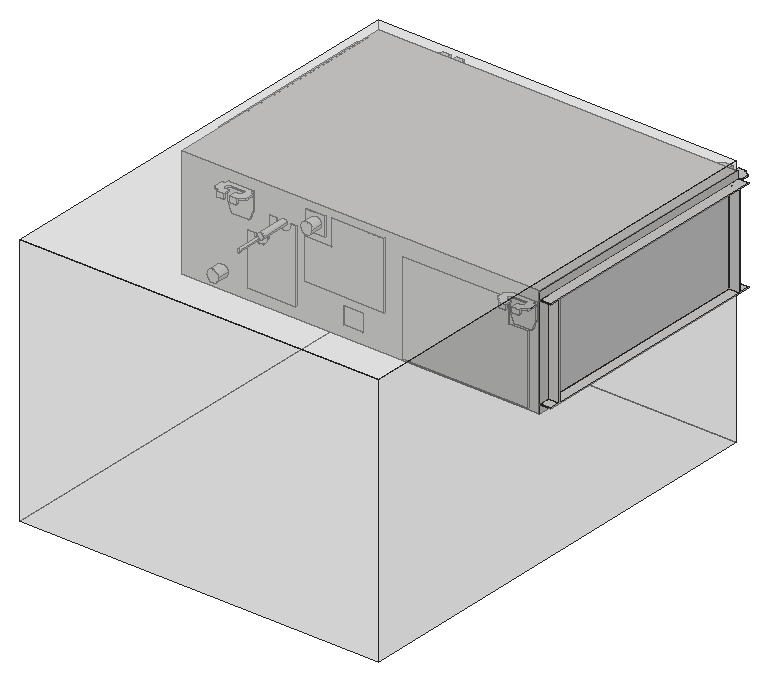
Revit family "outputfile", category 機械設備, Revit 2024
Family settings
  丸型コネクタ寸法 = 半径を使用
  パーツ タイプ = 標準
  OmniClass 番号 = 23.75.10.24.21.27.27
  OmniClass タイトル = Split System Air Conditioning Units
  作業面ベース = いいえ
  常に垂直 = はい
  ロード時にボイドで切り取り = いいえ
  注釈の向きを維持 = いいえ
  共有 = いいえ
  部屋計算ポイント = はい
Parameters (values of type "FXSA32AVM4")
  製造元 = "Daikin"
  書き出し IFC クラス(タイプ) = "IfcUnitaryEquipmentType"
  定義済み IFC タイプ(タイプ) = "AIRCONDITIONINGUNIT"
  モデル = "FXSA32AVM4"
  switch_frequency = yes
  r_Liquid Pipe Size = Liquid Pipe Size / 2  # 3.2 mm
  r_Gas Pipe Size = Gas Pipe Size / 2  # 6.35 mm
  r_Drain Pipe Size = Drain Pipe Size / 2  # 12.5 mm
  lw_power = 770.0 mm
  lh_SA = 138.0 mm
  lw_SA = if(Width = 550.0 mm, 225.0 mm, if(Width = 700.0 mm, 300.0 mm, if(Width = 1000.0 mm, 450.0 mm, if(Width = 1400.0 mm, 650.0 mm, 725.0 mm))))  # 225.0 mm
  lw_RA = if(Width = 550.0 mm, 275.0 mm, if(Width = 700.0 mm, 349.0 mm, if(Width = 1000.0 mm, 499.0 mm, if(Width = 1400.0 mm, 699.0 mm, 775.0 mm))))  # 275.0 mm
  lh_power = 60.0 mm + [h***]  # 60.0 mm
  lh_mountinghole1 = lh_mountinghole + [h***]  # 222.0 mm
  lh_RA = 123.0 mm
  ld_power = Width / 2  # 275.0 mm
  connector_voltage = Voltage_50Hz  # 220 V
  connector_powerinput = [Power Input (Cooling)]  # 0.066 kW
  connector_phase = Phase_50Hz  # 1
  Voltage_comment_60Hz = "220"
  Voltage_comment_50Hz = "220-240"
  Voltage_60Hz = 220 V
  Voltage_50Hz = 220 V
  Total Heating Capacity [instance] = 0.000 kW
  Supply Air Direction [instance] = yes
  Sound Power Level_H speed (dB) = 62
  Power Input (Heating) = 0.061 kW
  Phase_60Hz = 1
  Phase_50Hz = 1
  Nominal Heating Capacity = 4.000 kW
  Minimum External Static Pressure = 30.00 Pa
  Minimum Circuit Amps_60Hz = 0.9 A
  Minimum Circuit Amps_50Hz = 0.9 A
  Maximum Fuse Amps_60Hz = 16.0 A
  Maximum Fuse Amps_50Hz = 16.0 A
  Maximum External Static Pressure = 150.00 Pa
  Material_Casing = DAIKIN_GalvanizedSteel_Casing_indoorunit
  lw_mountinghole = 630.0 mm
  lh_gaspipe = 183.0 mm + [h***]  # 183.0 mm
  lh_mountinghole = 222.0 mm
  lh_liquidpipe = 136.0 mm + [h***]  # 136.0 mm
  lh_drainpipe = 207.0 mm + [h***]  # 207.0 mm
  lh_antena = Height - lh_mountinghole + 1.0 mm  # 24.0 mm
  ld_drainpipe = Width / 2 + 26.0 mm  # 301.0 mm
  ld_liquidpipe = 339.0 mm
  ld_gaspipe = Width / 2 + 65.0 mm  # 340.0 mm
  ld_mountinghole = Width + 38.0 mm  # 588.0 mm
  h*** = 0.0 mm
  lw_liquidpipe = 179.0 mm
  lw_gaspipe = 229.0 mm
  lw_drainpipe = 300.0 mm
  Width = 550.0 mm
  Version = "ver.1.0"
  Unit Type = "Duct_M.S.P."
  Unit Mass Weight = 25.00 kg
  Unit Designation [instance] = ""
  Uniclass2015Version = "Products v1.30"
  Uniclass2015Title = "Variable refrigerant flow units"
  Uniclass2015Code = "Pr_70_65_03_94"
  Total Cooling Capacity [instance] = 0.000 kW
  Sound Pressure Level_M speed (dBA) = 32
  Sound Pressure Level_L speed (dBA) = 30
  Sound Pressure Level_H speed (dBA) = 34
  Series = "VRV Fan Coil Unit"
  Sensible Cooling Capacity [instance] = 0.000 kW
  SA Duct Size Width = 337.0 mm
  SA Duct Size Height = 176.0 mm
  Refrigerant Type = "R32"
  RA Duct Size Width = 502.0 mm
  RA Duct Size Height = 208.0 mm
  Power Input (Cooling) = 0.066 kW
  Option Accessory 3 [instance] = ""
  Option Accessory 2 [instance] = ""
  Option Accessory 1 [instance] = ""
  Nominal Cooling Capacity = 3.600 kW
  Minimum Airflow = 420.00 m³/h
  Median Airflow = 480.00 m³/h
  Maximum Airflow = 570.00 m³/h
  Load Classification = HVAC
  Liquid Pipe Size = 6.4 mm
  Link_Nested Family [instance] = ""
  IfcVersion = ""
  IfcExportType = "AIRCONDITIONINGUNIT"
  IfcExportAs = "IfcUnitaryEquipmentType"
  Height = 245.0 mm
  Heating Entering Wet Bulb Temperature [instance] = -273.15 °C
  Heating Entering Dry Bulb Temperature [instance] = -273.15 °C
  Heating Ambient Wet Bulb Temperature [instance] = -273.15 °C
  Heating Ambient Dry Bulb Temperature [instance] = -273.15 °C
  Heat Exchanger Type = "Cross Fin Coil"
  Gas Pipe Size = 12.7 mm
  Frequency_60Hz = 60 Hz
  Frequency_50Hz = 50 Hz
  Fan Type = "Sirocco Fan"
  Fan Drive = "Direct Drive"
  FCU Tag No. [instance] = ""
  Drain Pipe Size = 25.0 mm
  Design Supply Airflow [instance] = 0.00 m³/h
  Design Return Airflow [instance] = 0.00 m³/h
  Design External Static Pressure [instance] = 0.00 Pa
  Depth = 800.0 mm
  既定の高さ = 0.0 mm
  Cooling Entering Wet Bulb Temperature [instance] = 0.00 °C
  Cooling Entering Dry Bulb Temperature [instance] = 0.00 °C
  Cooling Ambient Wet Bulb Temperature [instance] = 0.00 °C
  Cooling Ambient Dry Bulb Temperature [instance] = 0.00 °C
  Clearance visibility [instance] = yes
  Clearance Top = 20.0 mm
  Clearance Right = 0.0 mm
  Clearance Rear = 0.0 mm
  Clearance Left = 0.0 mm
  Clearance Front = 450.0 mm
  Clearance Bottom = 300.0 mm
Reference planes
  plane 1 "Center (Front/Back)": y = 0
  plane 2 "h": z = 0
  plane 3 "Center (Left/Right)": x = 0
  plane 4 "Back": y = 275
  plane 5 "Front": y = -275
  plane 6 "Left": x = -400
  plane 7 "Right": x = 400
  plane 8 "Top": z = 0
  plane 9 "Bottom": z = -245
  plane 10: y = -215
  plane 11: y = 275
  plane 12: y = -725
  plane 13: x = -400
  plane 14: x = 400
  plane 15: z = 20
  plane 16: z = -545
  plane 17: x = -400
  plane 18: x = -399
  plane 19: x = 399
  plane 20: y = 50
  plane 21: y = 0
  plane 22: z = -122
  plane 23: y = -276
  plane 24: z = -109
  plane 25: x = -221
  plane 26: y = -340
  plane 27: z = -62
  plane 28: x = -171
  plane 29: y = -301
  plane 30: z = -38
  plane 31: x = -100
  plane 32: x = -100
  plane 33: x = -221
  plane 34: x = -171
  plane 35: x = 370
  plane 36: x = -266
  plane 37: x = 364
  plane 38: y = -294
  plane 39: y = 294
  plane 40: z = -23
  plane 41: z = -107
  plane 42: y = -339
  plane 43: z = -207
  plane 44: x = -309
  plane 45: y = -376
  plane 46: x = -251
  plane 47: x = -203
  plane 48: x = -144
  plane 49: z = -59
  plane 50: z = -106
  plane 51: z = -221
  plane 52: z = -109
  plane 53: x = -221
  plane 54: z = -62
  plane 55: x = -171
  plane 56: z = -17
  plane 57: z = -59
  plane 58: x = -121
  plane 59: x = -79
  plane 60: x = -125
  plane 61: x = -64
  plane 62: x = 53
  plane 63: z = -164
  plane 64: z = -73
  plane 65: z = -16
  plane 66: x = 93.5
  plane 67: x = 374.5
  plane 68: x = 330
  plane 69: z = -88.5
  plane 70: z = -38
  plane 71: z = -242.5
  plane 72: x = -38.5
  plane 73: x = 6.5
  plane 74: z = -181
  plane 75: z = -221
  plane 76: y = -274
  plane 77: x = -424
  plane 78: x = 424
Forms (mm)
  Extrusion 1, solid, material "DAIKIN_GalvanizedSteel_Casing_indoorunit" <- "Material_Casing"
    sketch origin (0, 0, 0) x (1, 0, 0) y (0, 1, 0)
      loop
        line (-399, 275) -> (-399, -275) -> (399, -275) -> (399, 275) -> (-399, 275)
    from -245 to 0
  Extrusion 2, solid, material "DAIKIN_GalvanizedSteel_Casing_indoorunit" <- "Material_Casing"
    sketch origin (0, 0, 0) x (1, 0, 0) y (0, 0, 1)
      loop
        line (-251, -221) -> (-144, -221) -> (-144, -59) -> (-154.47, -59)
        arc (-154.47, -59) -> (-171, -78.8) -> (-187.53, -59) r 16.8
        line (-187.53, -59) -> (-203, -59) -> (-203, -106) -> (-206.916, -106)
        arc (-206.916, -106) -> (-221, -123.4) -> (-235.084, -106) r 14.4
        line (-235.084, -106) -> (-251, -106) -> (-251, -221)
    from 275 to 276
  Extrusion 3, solid, material "DAIKIN_GalvanizedSteel_Casing_indoorunit" <- "Material_Casing"
    sketch origin (0, 0, 0) x (1, 0, 0) y (0, 0, 1)
      loop
        line (-121, -17) -> (-121, -59) -> (-79, -59) -> (-79, -17) -> (-121, -17)
      loop
        line (-125, -73) -> (-125, -164) -> (53, -164) -> (53, -16) -> (-64, -16) -> (-64, -73) -> (-125, -73)
    from 275 to 276
  Extrusion 4, solid, material "DAIKIN_GalvanizedSteel_Casing_indoorunit" <- "Material_Casing"
    sketch origin (0, 0, 0) x (1, 0, 0) y (0, 0, 1)
      loop
        line (93.5, -38) -> (93.5, -242.5) -> (374.5, -242.5) -> (374.5, -88.5) -> (330, -88.5) -> (330, -38) -> (93.5, -38)
    from 275 to 276
  Extrusion 5, solid, material "DAIKIN_GalvanizedSteel_Casing_indoorunit" <- "Material_Casing"
    sketch origin (0, 0, 0) x (1, 0, 0) y (0, 0, 1)
      loop
        circle (-221, -109) r 3.2
    from 275 to 339
  Extrusion 6, solid, material "DAIKIN_GalvanizedSteel_Casing_indoorunit" <- "Material_Casing"
    sketch origin (0, 0, 0) x (1, 0, 0) y (0, 0, 1)
      loop
        circle (-171, -62) r 6.35
    from 275 to 340
  Extrusion 7, solid, material "DAIKIN_GalvanizedSteel_Casing_indoorunit" <- "Material_Casing"
    sketch origin (0, 0, 0) x (1, 0, 0) y (0, 0, 1)
      loop
        circle (-100, -38) r 12.5
    from 276 to 301
  Extrusion 8, solid, material "DAIKIN_GalvanizedSteel_Casing_indoorunit" <- "Material_Casing"
    sketch origin (0, 0, 0) x (1, 0, 0) y (0, 0, 1)
      loop
        circle (-309, -207) r 13
    from 275 to 301
  Extrusion 9, void
    sketch origin (0, 0, 0) x (1, 0, 0) y (0, 0, 1)
      loop
        line (-38.5, -181) -> (-38.5, -221) -> (6.5, -221) -> (6.5, -181) -> (-38.5, -181)
    from 274 to 275
Cuts and joins
  Extrusion 9 cuts Extrusion 1
Dimensions and locks
  "Height": plane 8 "Top" to plane 9 "Bottom"
  equal spacing: plane 4 "Back", plane 1 "Center (Front/Back)", plane 5 "Front"
  "Width": plane 4 "Back" to plane 5 "Front"
  equal spacing: plane 6 "Left", plane 3 "Center (Left/Right)", plane 7 "Right"
  "Depth": plane 6 "Left" to plane 7 "Right"
  "Clearance Left": plane 13 to plane 6 "Left"
  "Clearance Right": plane 7 "Right" to plane 14
  "Clearance Rear": plane 11 to plane 4 "Back"
  "Clearance Front": plane 5 "Front" to plane 12
  "Clearance Top": plane 15 to plane 8 "Top"
  "Clearance Bottom": plane 9 "Bottom" to plane 16
  locked: plane 17 to plane 18 at 1
  locked: plane 19 to plane 14 at 1
  "lw_SA": plane 11 to plane 20
  "lw_RA": plane 21 to plane 5 "Front"
  "lh_RA": plane 22 to plane 9 "Bottom"
  locked: plane 5 "Front" to plane 23 at 1
  "lw_liquidpipe": plane 25 to plane 6 "Left"
  "lh_liquidpipe": plane 24 to plane 9 "Bottom"
  "lh_gaspipe": plane 27 to plane 9 "Bottom"
  "lw_gaspipe": plane 28 to plane 6 "Left"
  "ld_gaspipe": plane 26 to plane 1 "Center (Front/Back)"
  "ld_drainpipe": plane 29 to plane 1 "Center (Front/Back)"
  "lh_drainpipe": plane 30 to plane 9 "Bottom"
  "lw_drainpipe": plane 31 to plane 6 "Left"
  "lw_drainpipe": plane 6 "Left" to plane 32
  "lw_liquidpipe": plane 6 "Left" to plane 33
  "lw_gaspipe": plane 6 "Left" to plane 34
  "lw_power": plane 6 "Left" to plane 35
  locked: plane 17 to plane 36 at 134
  "lw_mountinghole": plane 36 to plane 37
  equal spacing: plane 38, plane 1 "Center (Front/Back)", plane 39
  "ld_mountinghole": plane 39 to plane 38
  "lh_mountinghole": plane 40 to plane 9 "Bottom"
  "lh_SA": plane 41 to plane 9 "Bottom"
  locked: plane 44 to plane 6 "Left" at 91
  locked: plane 43 to plane 9 "Bottom" at 38
  plane 48 to plane 47 to plane 46 to plane 6 "Left" = 59.0 mm, 48.0 mm, 149.0 mm
  plane 8 "Top" to plane 49 to plane 50 to plane 51 = 59.0 mm locked, 47.0 mm locked, 115.0 mm locked
  plane 55 to plane 53 to plane 6 "Left" = 50.0 mm locked, 179.0 mm locked
  plane 54 to plane 52 to plane 9 "Bottom" = 47.0 mm locked, 136.0 mm locked
  plane 59 to plane 58 to plane 6 "Left" = 42.0 mm locked, 279.0 mm locked
  plane 8 "Top" to plane 56 to plane 57 = 17.0 mm locked, 42.0 mm locked
  plane 62 to plane 61 to plane 60 to plane 6 "Left" = 117.0 mm, 61.0 mm, 275.0 mm
  plane 8 "Top" to plane 65 to plane 64 = 16.0 mm locked, 57.0 mm locked
  locked: plane 65 to plane 63 at 148
  plane 8 "Top" to plane 70 to plane 69 to plane 71 = 38.0 mm locked, 50.5 mm locked, 154.0 mm locked
  plane 67 to plane 68 to plane 66 to plane 6 "Left" = 44.5 mm locked, 236.5 mm locked, 493.5 mm locked
  plane 8 "Top" to plane 74 to plane 75 = 181.0 mm locked, 40.0 mm locked
  plane 73 to plane 72 to plane 6 "Left" = 45.0 mm, 361.5 mm
  locked: plane 76 to plane 5 "Front" at 1
  locked: plane 77 to plane 17 at 24
  locked: plane 14 to plane 78 at 24
  "ld_liquidpipe": plane 42 to plane 1 "Center (Front/Back)"
  "r_Liquid Pipe Size": radius of Extrusion 5 sketch curve
  "r_Gas Pipe Size": radius of Extrusion 6 sketch curve
  "r_Drain Pipe Size": radius of Extrusion 7 sketch curve
  aligned and locked: level to plane 2 "h"
  aligned and locked: plane 8 "Top" to Extrusion 1
  aligned and locked: Extrusion 1 to plane 9 "Bottom"
  aligned and locked: nested 5 to plane 12
  aligned and locked: plane 13 to nested 5
  aligned and locked: plane 14 to nested 5
  aligned and locked: nested 5 to plane 13
  aligned and locked: plane 11 to nested 5
  aligned and locked: plane 15 to nested 5
  aligned and locked: plane 16 to nested 5
  aligned and locked: plane 5 "Front" to Extrusion 1 sketch curve
  aligned and locked: Extrusion 1 to plane 18
  aligned and locked: plane 19 to Extrusion 1
  aligned and locked: nested 7 to plane 18
  aligned and locked: nested 7 to plane 20
  aligned and locked: plane 19 to nested 8
  aligned and locked: plane 21 to nested 8
  aligned and locked: plane 22 to nested 8
  aligned and locked: Extrusion 2 to plane 23
  aligned and locked: plane 5 "Front" to Extrusion 2
  aligned and locked: Extrusion 3 to plane 23
  aligned and locked: plane 5 "Front" to Extrusion 3
  aligned and locked: plane 5 "Front" to Extrusion 4
  aligned and locked: Extrusion 5 sketch curve to plane 25
  aligned and locked: plane 24 to Extrusion 5 sketch curve
  aligned and locked: plane 5 "Front" to Extrusion 5
  aligned and locked: Extrusion 6 sketch curve to plane 28
  aligned and locked: plane 27 to Extrusion 6 sketch curve
  aligned and locked: plane 5 "Front" to Extrusion 6
  aligned and locked: Extrusion 7 sketch curve to plane 31
  aligned and locked: Extrusion 7 sketch curve to plane 30
  aligned and locked: Extrusion 7 to plane 29
  aligned and locked: plane 23 to Extrusion 7
  aligned and locked: nested 3 to plane 29
  aligned and locked: plane 32 to nested 3
  aligned and locked: nested 2 to plane 33
  aligned and locked: nested 1 to plane 34
  aligned and locked: Extrusion 6 to plane 26
  aligned and locked: nested 1 to plane 26
  aligned and locked: nested 6 to plane 5 "Front"
  aligned and locked: plane 35 to nested 6
  aligned and locked: plane 36 to nested 10
  aligned and locked: nested 10 to plane 5 "Front"
  aligned and locked: plane 37 to nested 9
  aligned and locked: nested 9 to plane 5 "Front"
  aligned and locked: nested 11 to plane 36
  aligned and locked: plane 4 "Back" to nested 11
  aligned and locked: nested 12 to plane 37
  aligned and locked: plane 4 "Back" to nested 12
  aligned and locked: plane 40 to nested 10
  aligned and locked: plane 40 to nested 11
  aligned and locked: plane 40 to nested 9
  aligned and locked: plane 40 to nested 12
  aligned and locked: plane 36 to nested 14
  aligned and locked: nested 14 to plane 39
  aligned and locked: plane 37 to nested 13
  aligned and locked: nested 13 to plane 39
  aligned and locked: plane 37 to nested 16
  aligned and locked: plane 38 to nested 16
  aligned and locked: plane 38 to nested 15
  aligned and locked: plane 36 to nested 15
  aligned and locked: plane 17 to plane 6 "Left"
  aligned and locked: plane 41 to nested 7
  aligned and locked: Extrusion 5 to plane 42
  aligned and locked: nested 2 to plane 42
  aligned and locked: Extrusion 8 sketch curve to plane 44
  aligned and locked: plane 43 to Extrusion 8 sketch curve
  aligned and locked: plane 5 "Front" to Extrusion 8
  aligned and locked: Extrusion 3 sketch curve to plane 56
  aligned and locked: Extrusion 3 sketch curve to plane 58
  aligned and locked: plane 57 to Extrusion 3 sketch curve
  aligned and locked: plane 59 to Extrusion 3 sketch curve
  aligned and locked: Extrusion 4 to plane 23
  aligned and locked: Extrusion 9 sketch curve to plane 74
  aligned and locked: plane 75 to Extrusion 9 sketch curve
  aligned and locked: plane 73 to Extrusion 9 sketch curve
  aligned and locked: plane 5 "Front" to Extrusion 9
  aligned and locked: plane 76 to Extrusion 9
  aligned and locked: nested 17 to plane 20
  aligned and locked: nested 17 to plane 77
  aligned and locked: plane 21 to nested 18
  aligned and locked: plane 78 to nested 18
  aligned and locked: plane 41 to nested 17
  aligned and locked: nested 18 to plane 22
  aligned and locked: nested 4 to plane 3 "Center (Left/Right)"
  aligned and locked: plane 1 "Center (Front/Back)" to nested 4
  aligned and locked: level to plane 8 "Top"
  aligned and locked: Extrusion 8 to plane 29
Automatic sketch dimensions
  plane 6 "Left" to Extrusion 1 sketch curve = 1.0 mm
  Extrusion 1 sketch curve to plane 7 "Right" = 1.0 mm
  Extrusion 1 sketch curve to plane 4 "Back" = 0.0 mm
  Extrusion 2 sketch curve to plane 46 = 0.0 mm
  Extrusion 2 sketch curve to plane 33 = 0.0 mm
  Extrusion 2 sketch curve to plane 47 = 0.0 mm
  Extrusion 2 sketch curve to plane 34 = 0.0 mm
  Extrusion 2 sketch curve to plane 48 = 0.0 mm
  Extrusion 2 sketch curve to plane 51 = 0.0 mm
  Extrusion 2 sketch curve to plane 52 = 0.0 mm
  Extrusion 2 sketch curve to plane 50 = 0.0 mm  (x3)
  Extrusion 2 sketch curve to plane 54 = 0.0 mm
  Extrusion 2 sketch curve to plane 49 = 0.0 mm  (x3)
  plane 33 to Extrusion 2 sketch curve = 14.084 mm
  plane 34 to Extrusion 2 sketch curve = 16.53 mm
  Extrusion 3 sketch curve to plane 60 = 0.0 mm
  Extrusion 3 sketch curve to plane 61 = 0.0 mm
  Extrusion 3 sketch curve to plane 62 = 0.0 mm
  Extrusion 3 sketch curve to plane 63 = 0.0 mm
  Extrusion 3 sketch curve to plane 64 = 0.0 mm
  Extrusion 3 sketch curve to plane 65 = 0.0 mm
  Extrusion 4 sketch curve to plane 66 = 0.0 mm
  Extrusion 4 sketch curve to plane 68 = 0.0 mm
  Extrusion 4 sketch curve to plane 67 = 0.0 mm
  Extrusion 4 sketch curve to plane 71 = 0.0 mm
  Extrusion 4 sketch curve to plane 69 = 0.0 mm
  Extrusion 4 sketch curve to plane 70 = 0.0 mm
  Extrusion 9 sketch curve to plane 72 = 0.0 mm
  radius of Extrusion 8 sketch curve = 13.0 mm
Nested families
  nested 1: "daikin_connector_rotate2" at (-171, 0, -62), length <- "ld_gaspipe", built-in parameter 1001364 <- "lh_gaspipe", radius <- "r_Gas Pipe Size", type "daikin_connector_rotate2"
    with radius 6.35 mm, length 340.0 mm, angle_vertical 90.00°
  nested 2: "daikin_connector_rotate2" at (-221, 0, -109), length <- "ld_liquidpipe", built-in parameter 1001364 <- "lh_liquidpipe", radius <- "r_Liquid Pipe Size", type "daikin_connector_rotate2"
    with radius 3.2 mm, length 339.0 mm, angle_vertical 90.00°
  nested 3: "daikin_connector_rotate2" at (-100, 0, -38), length <- "ld_drainpipe", built-in parameter 1001364 <- "lh_drainpipe", radius <- "r_Drain Pipe Size", type "daikin_connector_rotate2"
    with radius 12.5 mm, length 301.0 mm, angle_vertical 90.00°
  nested 4: "daikin_△_symbolicline" at (0, 0, 245) x (0, -1, 0) z (0, 0, 1), built-in parameter 1001364 <- "Height", visible <- "Supply Air Direction", type "daikin_△_symbolicline"
    with length 200.0 mm
  nested 5: "daikin_clearancespace" at (0, -225, -262.381), visible <- "Clearance visibility", show <- "Clearance visibility", Link_Nested Family <- "Link_Nested Family", type "daikin_clearancespace"
    with width 800.0 mm, show yes, height 565.0 mm, depth 1000.0 mm, Link_Nested Family ""
  nested 6: "daikin_connector_rotate2" at (370, 0, -185), built-in parameter 1001364 <- "lh_power", length <- "ld_power", type "daikin_connector_rotate2"
    with radius 10.0 mm, length 275.0 mm, angle_vertical 90.00°
  nested 7: "daikin_ductflange_FXFSA-AVM4_2" at (-399, 50, -107) x (0, -1, 0) z (0, 0, 1), type "daikin_ductflange_FXFSA-AV4_2"
    with width 337.0 mm, w1 24.0 mm, w 550.0 mm
  nested 8: "daikin_ductflange_FXFSA-AVM4" at (399, 0, -122) x (0, 1, 0) z (0, 0, 1), type "daikin_ductflange_FXFSA-AVM4"
    with width 502.0 mm, lw 25.0 mm, w 550.0 mm
  nested 9: "FXFSA-AVM4" at (364, -275, -23), type "daikin_hangerfixture_FXSA-AVM4"
  nested 10: "FXFSA-AVM4" at (-266, -275, -23), type "daikin_hangerfixture_FXSA-AVM4"
  nested 11: "FXFSA-AVM4" at (-266, 275, -23) x (-1, 0, 0) z (0, 0, 1), type "daikin_hangerfixture_FXSA-AVM4"
  nested 12: "FXFSA-AVM4" at (364, 275, -23) x (-1, 0, 0) z (0, 0, 1), type "daikin_hangerfixture_FXSA-AVM4"
  nested 13: "daikin_mountinghole" at (364, 294, -245), h_mountinghole <- "lh_mountinghole1", l_antenna <- "lh_antena", Link_Nested Family <- "Link_Nested Family", type "daikin_mountinghole"
    with show yes, l_antenna 24.0 mm, h_mountinghole 222.0 mm, Link_Nested Family ""
  nested 14: "daikin_mountinghole" at (-266, 294, -245), h_mountinghole <- "lh_mountinghole1", l_antenna <- "lh_antena", Link_Nested Family <- "Link_Nested Family", type "daikin_mountinghole"
    with show yes, l_antenna 24.0 mm, h_mountinghole 222.0 mm, Link_Nested Family ""
  nested 15: "daikin_mountinghole" at (-266, -294, -245), h_mountinghole <- "lh_mountinghole1", l_antenna <- "lh_antena", Link_Nested Family <- "Link_Nested Family", type "daikin_mountinghole"
    with show yes, l_antenna 24.0 mm, h_mountinghole 222.0 mm, Link_Nested Family ""
  nested 16: "daikin_mountinghole" at (364, -294, -245), h_mountinghole <- "lh_mountinghole1", l_antenna <- "lh_antena", Link_Nested Family <- "Link_Nested Family", type "daikin_mountinghole"
    with show yes, l_antenna 24.0 mm, h_mountinghole 222.0 mm, Link_Nested Family ""
  nested 17: "daikin_connector_rotate2" at (-400, 50, -107) x (0, -1, 0) z (0, 0, 1), type "daikin_connector_rotate2"
    with radius 10.0 mm, length 24.0 mm, angle_vertical 90.00°
  nested 18: "daikin_connector_rotate2" at (400, 0, -122) x (0, 1, 0) z (0, 0, 1), type "daikin_connector_rotate2"
    with radius 10.0 mm, length 24.0 mm, angle_vertical 90.00°
Connectors
  piping at (-100, -301, -38), diameter 25, driven by "r_Drain Pipe Size"
    settings: on nested 3, index 3, connector inside diameter 609.6 mm, connector length 0.0 mm, flow factor 0, pipe flow 0.00 m³/h, pressure drop 0.0 Pa, fitting loss kfactor 0, connector angle 0.00°, fixture units 0, engagement length 0.0 mm, angle of deflection 0.00°, flow configuration 1, flow direction 2, fitting loss method 4, system type 16, joint type 0, gender type 0, connector reference index -1, connector utility 0, adjustable connector no, is connector primary yes, connector description "Condensate Drain Piping"
  piping at (-171, -340, -62), diameter 12.7, driven by "r_Gas Pipe Size"
    settings: on nested 1, index 4, connector inside diameter 609.6 mm, connector length 0.0 mm, flow factor 0, pipe flow 0.00 m³/h, pressure drop 0.0 Pa, fitting loss kfactor 0, connector angle 0.00°, fixture units 0, engagement length 0.0 mm, angle of deflection 0.00°, flow configuration 1, flow direction 2, fitting loss method 0, system type 29, joint type 0, gender type 0, connector reference index -1, connector utility 0, adjustable connector no, is connector primary no, connector description "Refrigerant Gas Piping"
  piping at (-221, -339, -109), diameter 6.4, driven by "r_Liquid Pipe Size"
    settings: on nested 2, index 5, connector inside diameter 609.6 mm, connector length 0.0 mm, flow factor 0, pipe flow 0.00 m³/h, pressure drop 0.0 Pa, fitting loss kfactor 0, connector angle 0.00°, fixture units 0, engagement length 0.0 mm, angle of deflection 0.00°, flow configuration 1, flow direction 1, fitting loss method 0, system type 29, joint type 0, gender type 0, connector reference index -1, connector utility 0, adjustable connector no, is connector primary no, connector description "Refrigerant Liquid Piping"
  electrical at (370, -275, -185), driven by "Load Classification", driven by "connector_voltage", driven by "connector_phase", driven by "connector_powerinput"
    settings: on nested 6, index 6, voltage 220 V, apparent load 66 VA, apparent load phase1 0 VA, apparent load phase2 0 VA, apparent load phase3 0 VA, power factor 1, load classification "HVAC", number of poles 1, system type 30, power factor state 1, is connector primary yes, connector utility no, sub classification motor no, connector description "Power Supply"
  hvac at (-424, 50, -107), driven by "SA Duct Size Height", driven by "SA Duct Size Width"
    settings: on nested 17, index 7, duct flow 0.00 m³/h, flow factor 0, pres drop 0.00 Pa, loss coef 0, conn angle 0.00°, conn width 337.0 mm, conn height 176.0 mm, conn diameter 609.6 mm, duct sys type 1, conn prof type 1, flow config 0, flow direction 2, loss method 4, conn ref index -1, conn util no, is conn primary yes, conn desc "SA Duct"
  hvac at (424, 0, -122), driven by "RA Duct Size Height", driven by "RA Duct Size Width"
    settings: on nested 18, index 8, duct flow 0.00 m³/h, flow factor 0, pres drop 0.00 Pa, loss coef 0, conn angle 0.00°, conn width 502.0 mm, conn height 208.0 mm, conn diameter 609.6 mm, duct sys type 2, conn prof type 1, flow config 0, flow direction 1, loss method 4, conn ref index -1, conn util no, is conn primary no, conn desc "RA Duct"
Definition of nested family "daikin_clearancespace"
  Parameters (values of type "daikin_clearancespace")
    Description = "daikin_clearancespace"
    width [instance] = 1823.963 mm
    show [instance] = yes
    material = none
    height [instance] = 1359.762 mm
    depth [instance] = 880.0 mm
    Default Elevation = 0.0 mm
    Link_Nested Family [instance] = ""
  Reference planes
    plane 1 "Center (Front/Back)": y = 0
    plane 2 "Center (Elevation)": z = -0.119
    plane 3 "Center (Left/Right)": x = 0
    plane 4: y = 440
    plane 5: y = -440
    plane 6 "Right": x = 911.982
    plane 7 "Left": x = -911.982
    plane 8 "Top": z = 679.762
    plane 9 "Bottom": z = -680
  Forms (mm)
    Extrusion 1, solid, material <- "material", visible <- "show"
      sketch origin (0, 0, 0) x (1, 0, 0) y (0, 1, 0)
        loop
          line (-911.982, 440) -> (-911.982, -440) -> (911.982, -440) -> (911.982, 440) -> (-911.982, 440)
      from -680 to 679.762
  Lines and regions (mm)
    symbolic lines, visible <- "show"
      curve 1: line (911.982, 440, 0) -> (-911.982, 440, 0)
      curve 2: line (-911.982, 440, 0) -> (-911.982, -440, 0)
      curve 3: line (-911.982, -440, 0) -> (911.982, -440, 0)
      curve 4: line (911.982, -440, 0) -> (911.982, 440, 0)
      curve 5: line (911.982, 0, 679.762) -> (-911.982, 0, 679.762)
      curve 6: line (911.982, 0, -680) -> (911.982, 0, 679.762)
      curve 7: line (-911.982, 0, -680) -> (911.982, 0, -680)
      curve 8: line (-911.982, 0, 679.762) -> (-911.982, 0, -680)
      curve 9: line (0, 440, 679.762) -> (0, -440, 679.762)
      curve 10: line (0, -440, 679.762) -> (0, -440, -680)
      curve 11: line (0, 440, -680) -> (0, 440, 679.762)
      curve 12: line (0, -440, -680) -> (0, 440, -680)
  Dimensions and locks
    "width": plane 7 "Left" to plane 6 "Right"
    "depth": plane 4 to plane 5
    "height": plane 8 "Top" to plane 9 "Bottom"
    equal spacing: plane 7 "Left", plane 3 "Center (Left/Right)", plane 6 "Right"
    equal spacing: plane 4, plane 1 "Center (Front/Back)", plane 5
    equal spacing: plane 8 "Top", plane 2 "Center (Elevation)", plane 9 "Bottom"
    aligned and locked: level to plane 2 "Center (Elevation)"
    aligned and locked: Extrusion 1 sketch curve to plane 4
    aligned and locked: plane 7 "Left" to Extrusion 1 sketch curve
    aligned and locked: Extrusion 1 sketch curve to plane 5
    aligned and locked: Extrusion 1 sketch curve to plane 6 "Right"
    aligned and locked: plane 8 "Top" to Extrusion 1
    aligned and locked: curve 1 to Extrusion 1
    aligned and locked: curve 2 to Extrusion 1
    aligned and locked: curve 3 to Extrusion 1
    aligned and locked: curve 4 to Extrusion 1
    aligned and locked: curve 5 to Extrusion 1
    aligned and locked: curve 6 to Extrusion 1
    aligned and locked: curve 7 to Extrusion 1
    aligned and locked: curve 8 to Extrusion 1
    aligned and locked: curve 9 to Extrusion 1
    aligned and locked: curve 10 to Extrusion 1
    aligned and locked: curve 11 to Extrusion 1
    aligned and locked: curve 12 to Extrusion 1
    aligned and locked: Extrusion 1 to plane 9 "Bottom"
Definition of nested family "daikin_ductflange_FXFSA-AVM4_2"
  Parameters (values of type "daikin_ductflange_FBA-BVMA2")
    width = if(w = 550.0 mm, 337.0 mm, if(w = 700.0 mm, 492.0 mm, if(w = 1000.0 mm, 792.0 mm, if(w = 1400.0 mm, 1192.0 mm, 1337.0 mm))))  # 492.0 mm
    w1 = if(w = 550.0 mm, 24.0 mm, if(w = 700.0 mm, 21.5 mm, if(w = 1000.0 mm, 21.5 mm, if(w = 1400.0 mm, 21.5 mm, 24.0 mm))))  # 21.5 mm
    material = none
    height = 215.0 mm
    depth = 1.0 mm
    w = 700.0 mm
    Default Elevation = 0.0 mm
  Reference planes
    plane 1 "Center (Front/Back)": y = 0
    plane 2: z = 0
    plane 3 "Center (Left/Right)": x = 0
    plane 4: z = 88
    plane 5: z = -88
    plane 6: y = -25
    plane 7: z = 106
    plane 8: z = 89
    plane 9: y = -1
    plane 10: x = -267.5
    plane 11: x = 267.5
    plane 12: z = -106
    plane 13: z = -89
    plane 14: y = -1
    plane 15: x = 246
    plane 16: x = -246
    plane 17: x = 247
    plane 18: z = 87
    plane 19: z = -87
    plane 20: x = -247
    plane 21: z = 87
    plane 22: z = -87
    plane 23: y = -1
  Forms (mm)
    Extrusion 1, solid, material <- "material"
      sketch origin (0, 0, 0) x (0, 1, 0) y (0, 0, 1)
        loop
          line (-25, 88) -> (0, 88) -> (0, 106) -> (-1, 106) -> (-1, 89) -> (-25, 89) -> (-25, 88)
      from -267.5 to 267.5
    Extrusion 2, solid, material <- "material"
      sketch origin (0, 0, 0) x (0, 1, 0) y (0, 0, 1)
        loop
          line (-25, -88) -> (-25, -89) -> (-1, -89) -> (-1, -106) -> (0, -106) -> (0, -88) -> (-25, -88)
      from -267.5 to 267.5
    Extrusion 3, solid, material <- "material"
      sketch origin (0, 0, 0) x (1, 0, 0) y (0, 0, 1)
        loop
          line (246, 88) -> (246, -88) -> (267.5, -88) -> (267.5, -87) -> (247, -87) -> (247, 87) -> (267.5, 87) -> (267.5, 88) -> (246, 88)
      from 0 to 25
    Extrusion 4, solid, material <- "material"
      sketch origin (0, 0, 0) x (1, 0, 0) y (0, 0, 1)
        loop
          line (-267.5, 88) -> (-267.5, 87) -> (-247, 87) -> (-247, -87) -> (-267.5, -87) -> (-267.5, -88) -> (-246, -88) -> (-246, 88) -> (-267.5, 88)
      from 0 to 25
    Extrusion 5, solid, material <- "material"
      sketch origin (0, 0, 0) x (1, 0, 0) y (0, 0, 1)
        loop
          line (-267.5, 88) -> (-267.5, -88) -> (-246, -88) -> (-246, 88) -> (-267.5, 88)
        loop
          line (267.5, 88) -> (246, 88) -> (246, -88) -> (267.5, -88) -> (267.5, 88)
      from 0 to 1
  Cuts and joins
    joined: Extrusion 1, Extrusion 2, Extrusion 3, Extrusion 4, Extrusion 5
  Dimensions and locks
    plane 4 to level to plane 5 = 88.0 mm, 88.0 mm
    locked: plane 6 to plane 1 "Center (Front/Back)" at 25
    locked: plane 9 to plane 1 "Center (Front/Back)" at 1
    locked: plane 8 to plane 4 at 1
    "w1": plane 16 to plane 10
    locked: plane 17 to plane 15 at 1
    locked: plane 4 to plane 18 at 1
    locked: plane 19 to plane 5 at 1
    "width": plane 15 to plane 16
    plane 4 to plane 5 = 176.0 mm
    locked: plane 16 to plane 20 at 1
    locked: plane 4 to plane 21 at 1
    locked: plane 22 to plane 5 at 1
    locked: plane 23 to plane 1 "Center (Front/Back)" at 1
    plane 4 to level to plane 5 = 88.0 mm locked, 88.0 mm locked
    locked: plane 5 to plane 13 at 1
    locked: plane 5 to plane 12 at 18
    locked: plane 7 to plane 4 at 18
    equal spacing: plane 15, plane 3 "Center (Left/Right)", plane 16
    "w1": plane 11 to plane 15
    plane 11 to plane 10 = 535.0 mm
    aligned and locked: level to plane 2
    aligned and locked: Extrusion 1 to plane 10
    aligned and locked: plane 11 to Extrusion 1
    aligned and locked: plane 5 to Extrusion 2
    aligned and locked: Extrusion 2 to plane 1 "Center (Front/Back)"
    aligned and locked: plane 15 to Extrusion 3 sketch curve
    aligned and locked: Extrusion 3 sketch curve to Extrusion 2  (x2)
    aligned and locked: Extrusion 3 sketch curve to plane 11
    aligned and locked: plane 6 to Extrusion 3
    aligned and locked: Extrusion 2 to plane 10
    aligned and locked: plane 11 to Extrusion 2
    aligned and locked: Extrusion 4 sketch curve to Extrusion 1  (x2)
    aligned and locked: plane 5 to Extrusion 4 sketch curve
    aligned and locked: Extrusion 4 sketch curve to plane 16
    aligned and locked: Extrusion 4 sketch curve to plane 22
    aligned and locked: plane 20 to Extrusion 4 sketch curve
    aligned and locked: plane 21 to Extrusion 4 sketch curve
    aligned and locked: Extrusion 4 to plane 1 "Center (Front/Back)"
    aligned and locked: plane 6 to Extrusion 4
    aligned and locked: Extrusion 5 sketch curve to Extrusion 1  (x4)
    aligned and locked: Extrusion 5 sketch curve to Extrusion 4  (x2)
    aligned and locked: Extrusion 5 sketch curve to Extrusion 3  (x2)
    aligned and locked: Extrusion 5 to plane 1 "Center (Front/Back)"
    aligned and locked: plane 23 to Extrusion 5
  Automatic sketch dimensions
    Extrusion 1 sketch curve to plane 6 = 0.0 mm
    Extrusion 1 sketch curve to plane 7 = 0.0 mm
    Extrusion 1 sketch curve to plane 9 = 0.0 mm
    Extrusion 1 sketch curve to plane 1 "Center (Front/Back)" = 0.0 mm
    Extrusion 1 sketch curve to plane 4 = 0.0 mm
    Extrusion 1 sketch curve to plane 8 = 0.0 mm
    Extrusion 2 sketch curve to plane 6 = 0.0 mm
    plane 12 to Extrusion 2 sketch curve = 0.0 mm
    Extrusion 2 sketch curve to plane 14 = 0.0 mm
    Extrusion 2 sketch curve to plane 1 "Center (Front/Back)" = 0.0 mm
    plane 13 to Extrusion 2 sketch curve = 0.0 mm
    Extrusion 2 sketch curve to plane 5 = 0.0 mm
    Extrusion 3 sketch curve to plane 17 = 0.0 mm
    Extrusion 3 sketch curve to plane 19 = 0.0 mm
    Extrusion 3 sketch curve to plane 18 = 0.0 mm
    Extrusion 3 sketch curve to plane 4 = 0.0 mm
    Extrusion 4 sketch curve to plane 10 = 0.0 mm
Definition of nested family "daikin_ductflange_FXFSA-AVM4"
  Parameters (values of type "daikin_ductflange_FBFC-DVMG")
    width = if(w = 550.0 mm, 502.0 mm, if(w = 700.0 mm, 654.0 mm, if(w = 1000.0 mm, 952.0 mm, if(w = 1400.0 mm, 1352.0 mm, 1502.0 mm))))  # 654.0 mm
    material = none
    lw = if(width = 654.0 mm, 23.0 mm, 25.0 mm)  # 23.0 mm
    height = 208.0 mm
    depth = 1.0 mm
    w = 700.0 mm
    Default Elevation = 0.0 mm
  Reference planes
    plane 1 "Center (Front/Back)": y = 0
    plane 2: z = 0
    plane 3 "Center (Left/Right)": x = 0
    plane 4: z = 104
    plane 5: z = -104
    plane 6: y = -25
    plane 7: z = 121
    plane 8: z = 105
    plane 9: y = -1
    plane 10: x = -350
    plane 11: x = 350
    plane 12: z = -122
    plane 13: z = -105
    plane 14: y = -1
    plane 15: x = 327
    plane 16: x = -327
    plane 17: x = 328
    plane 18: z = 103
    plane 19: z = -103
    plane 20: x = -328
    plane 21: z = 103
    plane 22: z = -103
    plane 23: y = -1
  Forms (mm)
    Extrusion 1, solid, material <- "material"
      sketch origin (0, 0, 0) x (0, 1, 0) y (0, 0, 1)
        loop
          line (-25, 104) -> (0, 104) -> (0, 121) -> (-1, 121) -> (-1, 105) -> (-25, 105) -> (-25, 104)
      from -350 to 350
    Extrusion 2, solid, material <- "material"
      sketch origin (0, 0, 0) x (0, 1, 0) y (0, 0, 1)
        loop
          line (-25, -104) -> (-25, -105) -> (-1, -105) -> (-1, -122) -> (0, -122) -> (0, -104) -> (-25, -104)
      from -350 to 350
    Extrusion 3, solid, material <- "material"
      sketch origin (0, 0, 0) x (1, 0, 0) y (0, 0, 1)
        loop
          line (327, 104) -> (327, -104) -> (350, -104) -> (350, -103) -> (328, -103) -> (328, 103) -> (350, 103) -> (350, 104) -> (327, 104)
      from 0 to 25
    Extrusion 4, solid, material <- "material"
      sketch origin (0, 0, 0) x (1, 0, 0) y (0, 0, 1)
        loop
          line (-350, 104) -> (-350, 103) -> (-328, 103) -> (-328, -103) -> (-350, -103) -> (-350, -104) -> (-327, -104) -> (-327, 104) -> (-350, 104)
      from 0 to 25
    Extrusion 5, solid, material <- "material"
      sketch origin (0, 0, 0) x (1, 0, 0) y (0, 0, 1)
        loop
          line (-350, 104) -> (-350, -104) -> (-327, -104) -> (-327, 104) -> (-350, 104)
        loop
          line (350, 104) -> (327, 104) -> (327, -104) -> (350, -104) -> (350, 104)
      from 0 to 1
  Cuts and joins
    joined: Extrusion 1, Extrusion 2, Extrusion 3, Extrusion 4, Extrusion 5
  Dimensions and locks
    plane 4 to level to plane 5 = 104.0 mm, 104.0 mm
    locked: plane 6 to plane 1 "Center (Front/Back)" at 25
    locked: plane 9 to plane 1 "Center (Front/Back)" at 1
    locked: plane 8 to plane 4 at 1
    "lw": plane 11 to plane 15
    "lw": plane 16 to plane 10
    locked: plane 17 to plane 15 at 1
    locked: plane 4 to plane 18 at 1
    locked: plane 19 to plane 5 at 1
    "width": plane 15 to plane 16
    equal spacing: plane 15, plane 3 "Center (Left/Right)", plane 16
    locked: plane 16 to plane 20 at 1
    locked: plane 4 to plane 21 at 1
    locked: plane 22 to plane 5 at 1
    locked: plane 23 to plane 1 "Center (Front/Back)" at 1
    locked: plane 7 to plane 4 at 17
    locked: plane 1 "Center (Front/Back)" to plane 14 at 1
    locked: plane 5 to plane 13 at 1
    "height": plane 4 to plane 5
    plane 11 to plane 10 = 700.0 mm
    locked: plane 12 to plane 13 at 17
    equal spacing: plane 4, level, plane 5
    aligned and locked: level to plane 2
    aligned and locked: Extrusion 1 to plane 10
    aligned and locked: plane 11 to Extrusion 1
    aligned and locked: plane 5 to Extrusion 2
    aligned and locked: Extrusion 2 to plane 1 "Center (Front/Back)"
    aligned and locked: plane 15 to Extrusion 3 sketch curve
    aligned and locked: Extrusion 3 sketch curve to Extrusion 2  (x2)
    aligned and locked: Extrusion 3 sketch curve to plane 11
    aligned and locked: plane 6 to Extrusion 3
    aligned and locked: Extrusion 2 to plane 10
    aligned and locked: plane 11 to Extrusion 2
    aligned and locked: Extrusion 4 sketch curve to Extrusion 1  (x2)
    aligned and locked: plane 5 to Extrusion 4 sketch curve
    aligned and locked: Extrusion 4 sketch curve to plane 16
    aligned and locked: Extrusion 4 sketch curve to plane 22
    aligned and locked: plane 20 to Extrusion 4 sketch curve
    aligned and locked: plane 21 to Extrusion 4 sketch curve
    aligned and locked: Extrusion 4 to plane 1 "Center (Front/Back)"
    aligned and locked: plane 6 to Extrusion 4
    aligned and locked: Extrusion 5 sketch curve to Extrusion 1  (x4)
    aligned and locked: Extrusion 5 sketch curve to Extrusion 4  (x2)
    aligned and locked: Extrusion 5 sketch curve to Extrusion 3  (x2)
    aligned and locked: Extrusion 5 to plane 1 "Center (Front/Back)"
    aligned and locked: plane 23 to Extrusion 5
  Automatic sketch dimensions
    Extrusion 1 sketch curve to plane 6 = 0.0 mm
    Extrusion 1 sketch curve to plane 7 = 0.0 mm
    Extrusion 1 sketch curve to plane 9 = 0.0 mm
    Extrusion 1 sketch curve to plane 1 "Center (Front/Back)" = 0.0 mm
    Extrusion 1 sketch curve to plane 4 = 0.0 mm
    Extrusion 1 sketch curve to plane 8 = 0.0 mm
    Extrusion 2 sketch curve to plane 6 = 0.0 mm
    plane 12 to Extrusion 2 sketch curve = 0.0 mm
    Extrusion 2 sketch curve to plane 14 = 0.0 mm
    Extrusion 2 sketch curve to plane 1 "Center (Front/Back)" = 0.0 mm
    plane 13 to Extrusion 2 sketch curve = 0.0 mm
    Extrusion 2 sketch curve to plane 5 = 0.0 mm
    Extrusion 3 sketch curve to plane 17 = 0.0 mm
    Extrusion 3 sketch curve to plane 19 = 0.0 mm
    Extrusion 3 sketch curve to plane 18 = 0.0 mm
    Extrusion 3 sketch curve to plane 4 = 0.0 mm
    Extrusion 4 sketch curve to plane 10 = 0.0 mm
Definition of nested family "FXFSA-AVM4"
  Parameters (values of type "daikin_hangerfixture_FXMQ-PAVE")
    width = 72.0 mm
    material = none
    height = 60.0 mm
    depth = 41.0 mm
    Default Elevation = 0.0 mm
  Reference planes
    plane 1 "Center (Front/Back)": y = 0
    plane 2: z = 0
    plane 3 "Center (Left/Right)": x = 0
    plane 4: y = 417.146
    plane 5: y = -41
    plane 6: x = -36
    plane 7: x = 36
    plane 8: z = -2.3
    plane 9: z = -60
    plane 10: y = -2.3
    plane 11: z = -12
    plane 12: y = -38.7
  Forms (mm)
    Extrusion 1, solid, material <- "material"
      sketch origin (0, 0, 0) x (1, 0, 0) y (0, 1, 0)
        loop
          line (-28, 0) -> (-28, -5)
          arc (-28, -5) -> (-29.127, -8.162) -> (-32, -9.899) r 5
          arc (-32, -9.899) -> (-34.873, -11.636) -> (-36, -14.798) r 5
          line (-36, -14.798) -> (-36, -27.178)
          arc (-36, -27.178) -> (-35.429, -29.499) -> (-33.846, -31.289) r 5
          line (-33.846, -31.289) -> (-23, -38.798) -> (-23, -41.098) -> (-6.5, -41.098) -> (-6.5, -28.498)
          arc (-6.5, -28.498) -> (-7.379, -26.377) -> (-9.5, -25.498) r 3
          line (-9.5, -25.498) -> (-13.5, -25.498)
          arc (-13.5, -25.498) -> (-20, -18.998) -> (-13.5, -12.498) r 6.5
          line (-13.5, -12.498) -> (13.5, -12.498)
          arc (13.5, -12.498) -> (20, -18.998) -> (13.5, -25.498) r 6.5
          line (13.5, -25.498) -> (9.5, -25.498)
          arc (9.5, -25.498) -> (7.379, -26.377) -> (6.5, -28.498) r 3
          line (6.5, -28.498) -> (6.5, -41.098) -> (23, -41.098) -> (23, -38.798) -> (33.846, -31.289)
          arc (33.846, -31.289) -> (35.429, -29.499) -> (36, -27.178) r 5
          line (36, -27.178) -> (36, -14.596)
          arc (36, -14.596) -> (34.873, -11.434) -> (32, -9.697) r 5
          arc (32, -9.697) -> (29.127, -7.96) -> (28, -4.798) r 5
          line (28, -4.798) -> (28, 0) -> (-28, 0)
      from 0 to -2.3
    Extrusion 2, solid, material <- "material"
      sketch origin (0, 0, 0) x (1, 0, 0) y (0, 0, 1)
        loop
          line (28, -39.037) -> (28, 0) -> (-28, 0) -> (-28, -39.037)
          arc (-28, -39.037) -> (-27.91, -39.983) -> (-27.642, -40.894) r 5
          line (-27.642, -40.894) -> (-21.257, -56.857)
          arc (-21.257, -56.857) -> (-19.418, -59.14) -> (-16.615, -60) r 5
          line (-16.615, -60) -> (16.615, -60)
          arc (16.615, -60) -> (19.418, -59.14) -> (21.257, -56.857) r 5
          line (21.257, -56.857) -> (27.642, -40.894)
          arc (27.642, -40.894) -> (27.91, -39.983) -> (28, -39.037) r 5
      from 0 to 2.3
    Extrusion 3, solid, material <- "material"
      sketch origin (0, 0, 0) x (1, 0, 0) y (0, 0, 1)
        loop
          line (-23, 0) -> (-23, -9)
          arc (-23, -9) -> (-22.121, -11.121) -> (-20, -12) r 3
          line (-20, -12) -> (-9.5, -12)
          arc (-9.5, -12) -> (-7.379, -11.121) -> (-6.5, -9) r 3
          line (-6.5, -9) -> (-6.5, 0) -> (-23, 0)
        loop
          line (23, 0) -> (6.5, 0) -> (6.5, -9)
          arc (6.5, -9) -> (7.379, -11.121) -> (9.5, -12) r 3
          line (9.5, -12) -> (20, -12)
          arc (20, -12) -> (22.121, -11.121) -> (23, -9) r 3
          line (23, -9) -> (23, 0)
      from 38.8 to 41.098
  Cuts and joins
    joined: Extrusion 1, Extrusion 2, Extrusion 3
  Dimensions and locks
    plane 2 to plane 8 = 2.3 mm
    "height": plane 2 to plane 9
    locked: plane 10 to plane 1 "Center (Front/Back)" at 2.3
    locked: plane 2 to plane 11 at 12
    locked: plane 12 to plane 5 at 2.3
    aligned and locked: level to plane 2
    aligned and locked: Extrusion 1 to plane 8
    aligned and locked: plane 2 to Extrusion 1
    aligned and locked: plane 2 to Extrusion 2 sketch curve
    aligned and locked: Extrusion 2 to plane 10
    aligned and locked: Extrusion 2 to plane 1 "Center (Front/Back)"
    aligned and locked: Extrusion 3 sketch curve to cut or joined group of Extrusion 1, Extrusion 2, Extrusion 3  (x3)
    aligned and locked: cut or joined group of Extrusion 1, Extrusion 2, Extrusion 3 to Extrusion 3
  Automatic sketch dimensions
    Extrusion 2 sketch curve to plane 7 = 8.0 mm
    Extrusion 2 sketch curve to plane 8 = 36.737 mm
    plane 6 to Extrusion 2 sketch curve = 19.385 mm
    Extrusion 1 sketch curve to plane 6 = 0.0 mm
    plane 1 "Center (Front/Back)" to Extrusion 1 sketch curve = 0.0 mm
    Extrusion 1 sketch curve to plane 7 = 0.0 mm
    plane 6 to Extrusion 1 sketch curve = 2.154 mm
    plane 6 to Extrusion 1 sketch curve = 3.0 mm
    Extrusion 1 sketch curve to Extrusion 1 sketch curve = 5.0 mm  (x3)
    Extrusion 1 sketch curve to plane 12 = 0.098 mm  (x2)
    Extrusion 1 sketch curve to Extrusion 1 sketch curve = 4.0 mm  (x2)
    Extrusion 1 sketch curve to plane 5 = 0.098 mm  (x2)
    Extrusion 1 sketch curve to plane 3 "Center (Left/Right)" = 6.5 mm
    plane 3 "Center (Left/Right)" to Extrusion 1 sketch curve = 6.5 mm
    Extrusion 1 sketch curve to Extrusion 1 sketch curve = 3.0 mm
    Extrusion 1 sketch curve to plane 7 = 8.0 mm
    Extrusion 1 sketch curve to plane 7 = 5.0 mm
    Extrusion 1 sketch curve to plane 7 = 3.0 mm
    Extrusion 1 sketch curve to plane 7 = 2.154 mm
    plane 12 to Extrusion 1 sketch curve = 7.411 mm  (x2)
    plane 12 to Extrusion 1 sketch curve = 10.202 mm  (x2)
    Extrusion 1 sketch curve to Extrusion 1 sketch curve = 6.5 mm  (x2)
    Extrusion 1 sketch curve to Extrusion 1 sketch curve = 12.38 mm
    Extrusion 1 sketch curve to plane 10 = 12.296 mm
    Extrusion 1 sketch curve to plane 10 = 2.7 mm
    Extrusion 1 sketch curve to plane 10 = 2.498 mm
    plane 6 to Extrusion 1 sketch curve = 4.0 mm
    Extrusion 1 sketch curve to Extrusion 1 sketch curve = 0.0 mm  (x2)
    Extrusion 1 sketch curve to plane 7 = 4.0 mm
    Extrusion 1 sketch curve to Extrusion 1 sketch curve = 4.111 mm
    Extrusion 3 sketch curve to level = 0.0 mm  (x2)
    Extrusion 3 sketch curve to plane 11 = 0.0 mm  (x2)
    plane 11 to Extrusion 3 sketch curve = 3.0 mm  (x2)
    plane 3 "Center (Left/Right)" to Extrusion 3 sketch curve = 6.5 mm
    Extrusion 3 sketch curve to Extrusion 3 sketch curve = 3.0 mm  (x2)
    Extrusion 2 sketch curve to plane 9 = 0.0 mm
    Extrusion 2 sketch curve to Extrusion 2 sketch curve = 11.385 mm
    plane 6 to Extrusion 2 sketch curve = 8.0 mm
    plane 9 to Extrusion 2 sketch curve = 20.963 mm
    Extrusion 2 sketch curve to Extrusion 2 sketch curve = 5.0 mm  (x2)
    plane 9 to Extrusion 2 sketch curve = 3.143 mm  (x3)
    Extrusion 2 sketch curve to Extrusion 2 sketch curve = 4.642 mm  (x2)
    Extrusion 2 sketch curve to Extrusion 2 sketch curve = 0.0 mm  (x2)
    Extrusion 2 sketch curve to Extrusion 2 sketch curve = 0.358 mm
    Extrusion 2 sketch curve to Extrusion 2 sketch curve = 1.857 mm  (x2)
Definition of nested family "daikin_connector_rotate2"
  Parameters (values of type "daikin_connector_rotate2")
    Default Elevation = 1219.2 mm
    show_face = no
    radius [instance] = 10.0 mm
    length [instance] = 600.0 mm
    d_surface = 10.0 mm
    angle_vertical [instance] = 90.00°
  Reference planes
    plane 1 "Center (Front/Back)": y = 0
    plane 2: z = 0
    plane 3 "Center (Left/Right)": x = 0
  Forms (mm)
    Extrusion 1, solid, visible <- "show_face"
      sketch origin (0, -600, 0) x (1, 0, 0) y (0, 0, 1)
        loop
          circle (0, 0) r 10
      from 0 to -10
  Lines and regions (mm)
    reference lines
      curve 1: line (0, 0, 0) -> (0, -600, 0)
    symbolic lines
      curve 2: circle (0, 0, 0) r 5 normal (0, 0, 1)
    model lines, visible <- "show_face"
      curve 3: line (0, 0, 0) -> (0, -600, 0)
  Dimensions and locks
    "length": curve 1 to curve 1
    "length": curve 3 to curve 3
    "d_surface": Extrusion 1 to Extrusion 1
    "radius": radius of Extrusion 1 sketch curve
    "angle_vertical": angle curve 1 to plane 1 "Center (Front/Back)"
    "angle_vertical": angle curve 3 to plane 1 "Center (Front/Back)"
    aligned and locked: level to plane 2
    aligned and locked: plane 1 "Center (Front/Back)" to curve 1
    aligned and locked: plane 2 to curve 1
    aligned and locked: plane 1 "Center (Front/Back)" to curve 2
    aligned and locked: plane 3 "Center (Left/Right)" to curve 2
    aligned and locked: plane 1 "Center (Front/Back)" to curve 3
    aligned and locked: plane 2 to curve 3
    aligned and locked: Extrusion 1 to Extrusion 1
  Automatic sketch dimensions
    Extrusion 1 sketch curve to level = 0.0 mm
    Extrusion 1 sketch curve to plane 3 "Center (Left/Right)" = 0.0 mm
    radius of curve 2 = 5.0 mm
Definition of nested family "daikin_△_symbolicline"
  Parameters (values of type "daikin_△_symbolicline")
    length [instance] = 200.0 mm
    Default Elevation = 0.0 mm
  Reference planes
    plane 1 "Center (Front/Back)": y = 0
    plane 2: z = 0
    plane 3 "Center (Left/Right)": x = 0
  Lines and regions (mm)
    symbolic lines
      curve 1: line (0, -173.205, 0) -> (100, 0, 0)
      curve 2: line (100, 0, 0) -> (-100, 0, 0)
      curve 3: line (-100, 0, 0) -> (0, -173.205, 0)
  Dimensions and locks
    equal spacing: curve 3, plane 3 "Center (Left/Right)", curve 2
    "length": curve 3 to curve 2
    "length": curve 3 to curve 3
    "length": curve 1 to curve 1
    aligned and locked: level to plane 2
    aligned and locked: curve 2 to plane 1 "Center (Front/Back)"
    aligned and locked: plane 3 "Center (Left/Right)" to curve 3
Definition of nested family "daikin_mountinghole"
  Parameters (values of type "daikin_mountinghole")
    Default Elevation = 1219.2 mm
    Type Comments = "mountinghole"
    show [instance] = yes
    material = none
    l_centerline = 100.0 mm
    l_antenna [instance] = 100.0 mm
    h_mountinghole [instance] = 0.0 mm
    d_circle = 30.0 mm
    Link_Nested Family [instance] = ""
  Reference planes
    plane 1 "Center (Front/Back)": y = 0
    plane 2: z = 0
    plane 3 "Center (Left/Right)": x = 0
    plane 4: y = 50
    plane 5: x = -50
    plane 6: x = 50
    plane 7: y = -50
    plane 8 "h_mountinghole": z = 0
    plane 9: z = 100
  Lines and regions (mm)
    model lines, detail levels fine
      curve 1: circle (0, 0, 0) r 15 normal (0, 0, 1)
      curve 2: line (-50, 0, 0) -> (50, 0, 0)
      curve 3: line (0, 50, 0) -> (0, -50, 0)
    symbolic lines, detail levels fine
      curve 4: circle (0, 0, 0) r 15 normal (0, 0, 1)
      curve 5: line (-50, 0, 0) -> (50, 0, 0)
      curve 6: line (0, 50, 0) -> (0, -50, 0)
    model lines
      curve 7: line (0, 0, 100) -> (0, 0, 0)
  Dimensions and locks
    equal spacing: plane 4, plane 1 "Center (Front/Back)", plane 7
    "l_centerline": plane 4 to plane 7
    equal spacing: plane 5, plane 3 "Center (Left/Right)", plane 6
    "l_centerline": plane 5 to plane 6
    "l_antenna": plane 9 to plane 8 "h_mountinghole"
    "h_mountinghole": plane 8 "h_mountinghole" to plane 2
    "d_circle": diameter of curve 1
    "d_circle": diameter of curve 4
    aligned and locked: level to plane 2
    aligned and locked: plane 1 "Center (Front/Back)" to curve 1
    aligned and locked: plane 3 "Center (Left/Right)" to curve 1
    aligned and locked: plane 1 "Center (Front/Back)" to curve 2
    aligned and locked: curve 3 to plane 3 "Center (Left/Right)"
    aligned and locked: plane 6 to curve 2
    aligned and locked: plane 5 to curve 2
    aligned and locked: plane 4 to curve 3
    aligned and locked: plane 7 to curve 3
    aligned and locked: plane 1 "Center (Front/Back)" to curve 4
    aligned and locked: plane 3 "Center (Left/Right)" to curve 4
    aligned and locked: plane 6 to curve 5
    aligned and locked: plane 5 to curve 5
    aligned and locked: plane 1 "Center (Front/Back)" to curve 5
    aligned and locked: plane 4 to curve 6
    aligned and locked: plane 7 to curve 6
    aligned and locked: curve 6 to plane 3 "Center (Left/Right)"
    aligned and locked: curve 7 to plane 3 "Center (Left/Right)"
    aligned and locked: plane 9 to curve 7
    aligned and locked: plane 8 "h_mountinghole" to curve 7
